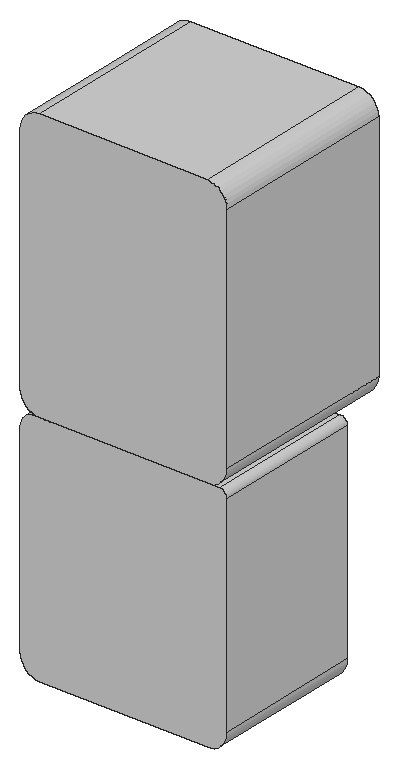
Revit family "Building-IEC309Boards-GEWISS-68QDIN-DISTRIBUTION-BOARD-5MOD_1SOCKET-OUTLET", category Attrezzatura elettrica, host Muro, Revit 2016
Family settings
  Host = Muro
  Configurazione quadro = Due colonne, circuiti in orizzontale
  Tipo di parte = Pannello comandi
  Quota connettore circolare = Usa diametro
  Numero OmniClass = 23.80.30.11.17
  Titolo OmniClass = Distribution Boards and Control Panels
  Sempre verticale = Sì
  Taglio con vuoti quando caricato = No
  Condiviso = No
  Punto di calcolo locali = No
Parameters (values of type "GW68017N - Q-DIN 5M 1 FLANGE S.O.16A IP65")
  Voltaggio = "400V"
  Vista di pianta [instance] = yes
  Vetro = GEWISS - vetro
  Version type = "Empty"
  Version file RFA = "18.0"
  URL = "https://www.gewiss.com/ww/en"
  Thermo-pressure with ball = "70 °C"
  Technical sheet = "https://www.gewiss.com/ww/en/search?q=GW68017N"
  Struttura = GEWISS - Grigio RAL - 7035
  Spessore = 96 mm
  Simbolo [instance] = yes
  Shock resistance = "IK08"
  SEO = "Board"
  Realized by GEWISS S.p.A. = ""
  Produttore = "GEWISS S.p.A."
  Presa = GEWISS - Grigio RAL - 7035
  Potenza = 400 V
  Operating temperature: = "-25 +40 °C"
  Offset etichetta nome quadro [instance] = 125 mm
  Numero poli = 3
  No. of provided blank lids = "-"
  No. of modules EN 50022 = "5"
  Modello = "GW68017N"
  Lunghezza = 105 mm
  Insulation class = "II"
  Installation type = "Surface-mounting"
  Immagine tipo = GW68017N.jpg
  IP degree = "IP65"
  IFC.TypeObject = ""
  IFC.ExportType = ""
  IFC.ExportAs = ""
  IDT = "ee7be3a0-8e2c-4958-911f-c8bff68fcaa4"
  IDF = "90e3c910-4dd1-4086-b25c-8148c449f2aa"
  Houseable socket = "1 IEC 309 16A IP44/67"
  Glow Wire Test = "650°C"
  GW – Nome quadro [instance] = "NOME"
  Electrocod = "2242"
  ETICHETTA NOME QUADRO [instance] = yes
  EAN code = "8011564744851"
  Distanza orizzontale del simbolo [instance] = 0 mm
  Distanza dal muro [instance] = 0 mm
  Dispersible power B (W) = "37"
  Dispersible power A (W) = "10"
  Descrizione = "Q-DIN 5M 1 FLANGE S.O.16A IP65"
  Cornice simbolo [instance] = no
  Colour = "Grey RAL 7035"
  Classificazione carico = Altro
  Catalogue Range = "68 QDIN"
  Catalogue = "BUILDING"
  Carico apparente = 0 VA
  COBie.Tagnumber = ""
  COBie.CreatedOn = ""
  COBie.CreatebBy = ""
  COBie.ComponentRegisterItemID = ""
  COBie.Component.TagNumber = ""
  COBie.Component.Space = ""
  COBie.Component.SerialNumber = ""
  COBie.Component.InstallationDate = ""
  COBie.Component.Description = ""
  COBie.Component.BarCode = ""
  Altezza scatole = 120 mm
  Altezza quadro = 138 mm
  Altezza da terra = 589.057 mm
  Accordance with Standards = "EN 60208 - EN 60670-1 - IEC 60670-24"
Reference planes
  plane 1 "Muro": y = 0
  plane 2 "Centro (Sinistra/Destra)": x = 125
  plane 3 "Indietro": y = 75
  plane 4: z = 589.057
  plane 5: x = 125
  plane 6: y = 200
Lines and regions (mm)
  Masking region 1, visible <- "Vista di pianta"
    outline origin (0, 0, 0) x (1, 0, 0) y (0, 1, 0)
      loop
        line (177.5, 171) -> (72.5, 171) -> (72.5, 75) -> (177.5, 75) -> (177.5, 171)
  Masking region 2
    outline origin (125, 0, 0) x (0, 1, 0) y (0, 0, 1)
      loop
        line (75, 589.057) -> (75, 451.057) -> (171, 451.057) -> (171, 589.057) -> (75, 589.057)
      loop
        line (158.126, 431.646) -> (151.196, 431.646) -> (151.196, 341.571) -> (158.126, 341.571) -> (158.126, 431.646)
  Masking region 3
    outline origin (125, 0, 0) x (0, 1, 0) y (0, 0, 1)
      loop
        line (75, 451.057) -> (75, 331.057) -> (151.196, 331.057) -> (151.196, 451.057) -> (75, 451.057)
Text (mm)
  text "Lato posizionamento" at (-1848.837, 1116.779, 0), in view "Livello rif."
  text "Lato posizionamento" at (0, 1409.804, 2854.306), in view "Sinistra"
  text "Lato posizionamento" at (0, 499.811, 2980.732), in view "Destra"
Dimensions and locks
  locked: plane 3 "Indietro" to host wall
  "Altezza da terra": level to plane 4
  "Distanza orizzontale del simbolo": plane 5 to plane 2 "Centro (Sinistra/Destra)"
  "Offset etichetta nome quadro": plane 6 to plane 3 "Indietro"
  aligned and locked: plane 1 "Muro" to host wall
  aligned and locked: nested 1 to plane 3 "Indietro"
  aligned and locked: plane 4 to nested 1
  aligned and locked: Masking region 1 sketch curve to nested 1  (x4)
  aligned and locked: plane 5 to nested 2
  aligned and locked: plane 3 "Indietro" to nested 1  (x2)
  aligned and locked: nested 3 to plane 6
  aligned and locked: Masking region 2 sketch curve to nested 1  (x6)
  aligned and locked: nested 1 to Masking region 2 sketch curve
  aligned and locked: Masking region 3 sketch curve to nested 1  (x3)
  aligned and locked: nested 1 to Masking region 3 sketch curve
  aligned and locked: plane 2 "Centro (Sinistra/Destra)" to nested 4
  aligned and locked: nested 4 to plane 4
Automatic sketch dimensions
  Masking region 2 sketch curve to Masking region 2 sketch curve = 19.411 mm
Nested families
  nested 1: "QDIN5 QUADRO 1 PRESA IND" at (125, 75, -258) x (-1, 0, 0) z (0, 0, 1), type "QDIN5 QUADRO 1 PRESA IND"
  nested 2: "CENTRALINO" at (125, 99.669, 0), Distanza dal muro <- "Distanza dal muro", BORDO ACCESO <- "Cornice simbolo", SIMBOLO ACCESO <- "Simbolo", type "CENTRALINO"
    with SIMBOLO ACCESO yes, Distanza dal muro 0 mm, BORDO ACCESO no
  nested 3: "NOME QUADRO" at (125, 200, 0), TXT <- "GW – Nome quadro", visible <- "ETICHETTA NOME QUADRO", type "NOME QUADRO"
    with TXT "NOME"
  nested 4: "2D - QDIN15 X1" at (125, 0, 331.057) x (1, 0, 0) z (0, -1, 0), type "BIDIMENSIONALE"
Connectors
  electrical at (125, 113.098, 331.057), driven by "Numero poli", driven by "Classificazione carico", driven by "Potenza", driven by "Carico apparente"
    settings: on nested 1, index 1, voltage 400 V, apparent load 0 VA, apparent load phase1 0 VA, apparent load phase2 0 VA, apparent load phase3 0 VA, power factor 1, load classification "Altro", number of poles 3, system type 31, power factor state 1, is connector primary yes, connector utility no, sub classification motor no, connector description ""
Definition of nested family "QDIN5 QUADRO 1 PRESA IND"
  Parameters (values of type "QDIN5 QUADRO 1 PRESA IND")
    Vetro = none
    Struttura = none
    Spessore = 96 mm
    Default Elevation = 14 mm
    Presa = none
    Lunghezza = 105 mm
    IFC.TypeObject = ""
    IFC.ExportType = ""
    IFC.ExportAs = ""
    H_da terra = 589.057 mm
    COBie.CreatedOn = ""
    COBie.CreatebBy = ""
    COBie.ComponentRegisterItemID = ""
    COBie.Component.TagNumber = ""
    COBie.Component.Space = ""
    COBie.Component.SerialNumber = ""
    COBie.Component.InstallationDate = ""
    COBie.Component.Description = ""
    COBie.Component.BarCode = ""
    Altezza scatole = 120 mm
    Altezza quadro = 138 mm
    Altezza = 258 mm
  Reference planes
    plane 1 "Centro (Fronte/Retro)": y = 0
    plane 2: z = 0
    plane 3 "Centro (Sinistra/Destra)": x = 0
    plane 4 "s": y = -96
    plane 5: z = 589.057
    plane 6: z = 847.057
    plane 7: x = -52.5
    plane 8: x = 52.5
    plane 9: z = 709.057
    plane 10: y = -76.196
    plane 11: z = 689.646
    plane 12: x = 37.506
    plane 13: z = 599.571
    plane 14: x = -37.506
    plane 15: x = -50.097
    plane 16: x = 50.089
    plane 17: z = 718.557
    plane 18: z = 808.52
    plane 19: y = -42.089
    plane 20: y = -83.126
  Forms (mm)
    Extrusion 1, solid, material <- "Struttura"
      sketch origin (0, 0, 0) x (1, 0, 0) y (0, 0, 1)
        loop
          arc (-42.5, 847.057) -> (-49.571, 844.128) -> (-52.5, 837.057) r 10
          line (-52.5, 837.057) -> (-52.5, 719.057)
          arc (-52.5, 719.057) -> (-49.571, 711.986) -> (-42.5, 709.057) r 10
          line (-42.5, 709.057) -> (42.5, 709.057)
          arc (42.5, 709.057) -> (49.571, 711.986) -> (52.5, 719.057) r 10
          line (52.5, 719.057) -> (52.5, 837.057)
          arc (52.5, 837.057) -> (49.571, 844.128) -> (42.5, 847.057) r 10
          line (42.5, 847.057) -> (-42.5, 847.057)
      from 0 to 96
    Extrusion 2, solid, material <- "Struttura"
      sketch origin (0, 0, 0) x (1, 0, 0) y (0, 0, 1)
        loop
          line (44.95, 709.057) -> (-48.88, 709.057)
          arc (-48.88, 709.057) -> (-51.44, 707.997) -> (-52.5, 705.437) r 3.62
          line (-52.5, 705.437) -> (-52.5, 599.057)
          arc (-52.5, 599.057) -> (-49.571, 591.986) -> (-42.5, 589.057) r 10
          line (-42.5, 589.057) -> (42.5, 589.057)
          arc (42.5, 589.057) -> (49.571, 591.986) -> (52.5, 599.057) r 10
          line (52.5, 599.057) -> (52.5, 701.507)
          arc (52.5, 701.507) -> (50.289, 706.845) -> (44.95, 709.057) r 7.55
      from 0 to 76.196
    Extrusion 3, void
      sketch origin (0, 0, 0) x (1, 0, 0) y (0, 0, 1)
        loop
          line (-50.097, 808.52) -> (-50.097, 718.557) -> (50.089, 718.557) -> (50.089, 808.52) -> (-50.097, 808.52)
      from 42.089 to 96
    Extrusion 4, solid, material <- "Vetro", detail levels fine
      sketch origin (0, 0, 0) x (1, 0, 0) y (0, 0, 1)
        loop
          line (-50.097, 808.52) -> (-50.097, 718.557) -> (50.089, 718.557) -> (50.089, 808.52) -> (-50.097, 808.52)
      from 83.126 to 96
    Extrusion 5, solid, material <- "Presa", detail levels fine
      sketch origin (0, 0, 0) x (1, 0, 0) y (0, 0, 1)
        loop
          line (-37.506, 689.646) -> (-37.506, 599.571) -> (37.506, 599.571) -> (37.506, 689.646) -> (-37.506, 689.646)
      from 76.196 to 83.126
  Cuts and joins
    Extrusion 3 cuts Extrusion 1
  Dimensions and locks
    "Spessore": plane 4 "s" to plane 1 "Centro (Fronte/Retro)"
    "H_da terra": plane 5 to level
    equal spacing: plane 7, plane 3 "Centro (Sinistra/Destra)", plane 8
    "Lunghezza": plane 7 to plane 8
    "Altezza quadro": plane 6 to plane 9
    "Altezza scatole": plane 9 to plane 5
    plane 4 "s" to plane 1 "Centro (Fronte/Retro)" = 96 mm
    locked: plane 4 "s" to plane 10 at 19.804
    locked: plane 12 to plane 8 at 14.994
    locked: plane 13 to plane 5 at 10.514
    locked: plane 14 to plane 7 at 14.994
    locked: plane 9 to plane 11 at 19.411
    locked: plane 6 to plane 18 at 38.537
    locked: plane 17 to plane 9 at 9.5
    locked: plane 7 to plane 15 at 2.403
    locked: plane 16 to plane 8 at 2.411
    locked: plane 4 "s" to plane 19 at 53.911
    locked: plane 4 "s" to plane 20 at 12.874
    aligned and locked: level to plane 2
    aligned and locked: Extrusion 1 sketch curve to plane 6
    aligned and locked: Extrusion 1 sketch curve to plane 8
    aligned and locked: Extrusion 1 sketch curve to plane 7
    aligned and locked: plane 9 to Extrusion 1 sketch curve
    aligned and locked: Extrusion 1 to plane 4 "s"
    aligned and locked: Extrusion 2 sketch curve to plane 9
    aligned and locked: Extrusion 2 sketch curve to plane 8
    aligned and locked: Extrusion 2 sketch curve to plane 7
    aligned and locked: Extrusion 2 sketch curve to plane 5
    aligned and locked: Extrusion 2 to plane 10
    aligned and locked: Extrusion 3 sketch curve to plane 18
    aligned and locked: Extrusion 3 sketch curve to plane 16
    aligned and locked: Extrusion 3 sketch curve to plane 15
    aligned and locked: Extrusion 3 sketch curve to plane 17
    aligned and locked: plane 19 to cut or joined group of Extrusion 1, Extrusion 3
    aligned and locked: Extrusion 3 to plane 4 "s"
    aligned and locked: Extrusion 4 sketch curve to plane 18
    aligned and locked: Extrusion 4 sketch curve to plane 16
    aligned and locked: Extrusion 4 sketch curve to plane 17
    aligned and locked: Extrusion 4 sketch curve to plane 15
    aligned and locked: Extrusion 4 to plane 4 "s"
    aligned and locked: plane 20 to Extrusion 4
    aligned and locked: Extrusion 5 sketch curve to plane 11
    aligned and locked: Extrusion 5 sketch curve to plane 12
    aligned and locked: Extrusion 5 sketch curve to plane 14
    aligned and locked: Extrusion 5 sketch curve to plane 13
    aligned and locked: Extrusion 5 to Extrusion 2
    aligned and locked: Extrusion 4 to Extrusion 5
  Automatic sketch dimensions
    Extrusion 1 sketch curve to Extrusion 1 sketch curve = 10 mm  (x2)
    Extrusion 1 sketch curve to plane 7 = 10 mm
    plane 8 to Extrusion 1 sketch curve = 10 mm
    Extrusion 2 sketch curve to Extrusion 2 sketch curve = 3.62 mm
    Extrusion 2 sketch curve to plane 7 = 10 mm
    Extrusion 2 sketch curve to Extrusion 2 sketch curve = 10 mm
    plane 8 to Extrusion 2 sketch curve = 7.55 mm
Definition of nested family "CENTRALINO"
  Parameters (values of type "CENTRALINO")
    SIMBOLO ACCESO [instance] = yes
    Distanza dal muro [instance] = 0 mm
    BORDO ACCESO [instance] = yes
  Reference planes
    plane 1: y = 0
    plane 2: x = 0
  Dimensions and locks
    "Distanza dal muro": plane 1 to nested 1
    aligned and locked: plane 2 to nested 1
  Nested families
    nested 1: "CENTRALINO_BASE" at (0, 0, 0), BORDO ACCESO <- "BORDO ACCESO", visible <- "SIMBOLO ACCESO", type "CENTRALINO"
      with BORDO ACCESO yes
  Definition of nested family "CENTRALINO_BASE"
    Parameters (values of type "CENTRALINO")
      Distanza dal muro = 0 mm
      BORDO ACCESO [instance] = yes
    Reference planes
      plane 1: y = 0
      plane 2: x = 0
    Lines and regions (mm)
      detail lines, visible <- "BORDO ACCESO", not visible
        curve 1: line (-2.443, 10.208, 0) -> (2.057, 10.208, 0)
        curve 2: line (2.057, 10.208, 0) -> (2.057, 4.208, 0)
        curve 3: line (2.057, 4.208, 0) -> (-2.443, 4.208, 0)
        curve 4: line (-2.443, 4.208, 0) -> (-2.443, 10.208, 0)
        curve 5: line (-2.043, 9.808, 0) -> (1.657, 9.808, 0)
        curve 6: line (1.657, 9.808, 0) -> (1.657, 4.608, 0)
        curve 7: line (1.657, 4.608, 0) -> (-2.043, 4.608, 0)
        curve 8: line (-2.043, 4.608, 0) -> (-2.043, 9.808, 0)
      detail lines
        curve 9: line (0, 0.671, 0) -> (0, 0, 0)
        curve 10: line (0.659, 0.671, 0) -> (0.659, 1.33, 0)
        curve 11: line (0.659, 1.33, 0) -> (-0.659, 1.33, 0)
        curve 12: line (-0.659, 1.33, 0) -> (-0.659, 0.671, 0)
        curve 13: line (-0.659, 0.671, 0) -> (0.659, 0.671, 0)
        curve 14: line (0.497, 1.33, 0) -> (0.497, 2, 0)
        curve 15: line (0.167, 1.33, 0) -> (0.167, 2, 0)
        curve 16: line (-0.162, 1.33, 0) -> (-0.162, 2, 0)
        curve 17: line (-0.491, 1.33, 0) -> (-0.491, 2, 0)
Definition of nested family "NOME QUADRO"
  Parameters (values of type "NOME QUADRO")
    TXT [instance] = ""
  Reference planes
    plane 1: y = 0
    plane 2: x = 0
  Text (mm)
    label "NOME QUADRO" at (0.217, 0.029, 0), shows "TXT"
Definition of nested family "2D - QDIN15 X1"
  Reference planes
    plane 1 "Centro (Fronte/Retro)": y = 0
    plane 2: z = 0
    plane 3 "Centro (Sinistra/Destra)": x = 0
  Lines and regions (mm)
    model lines, in view "Livello rif."
      curve 1: arc (-50.094, 118.735, 0) -> (-49.802, 118.028, 0) -> (-49.094, 117.735, 0) r 1
      curve 2: arc (49.047, 117.735, 0) -> (49.752, 118.03, 0) -> (50.043, 118.737, 0) r 1
      curve 3: arc (42.5, 0, 0) -> (49.571, 2.929, 0) -> (52.5, 10, 0) r 10
      curve 4: arc (-52.5, 10, 0) -> (-49.571, 2.929, 0) -> (-42.5, 0, 0) r 10
      curve 5: arc (-42.5, 258, 0) -> (-49.571, 255.071, 0) -> (-52.5, 248, 0) r 10
      curve 6: arc (52.5, 248, 0) -> (49.571, 255.071, 0) -> (42.5, 258, 0) r 10
      curve 7: arc (52.5, 248, 0) -> (49.571, 255.071, 0) -> (42.5, 258, 0) r 10
      curve 8: arc (-42.5, 258, 0) -> (-49.571, 255.071, 0) -> (-52.5, 248, 0) r 10
      curve 9: arc (-26.88, 135.036, 0) -> (-27.34, 134.408, 0) -> (-27.499, 133.647, 0) r 1.835
      curve 10: arc (-15, 139.486, 0) -> (-21.344, 138.338, 0) -> (-26.88, 135.036, 0) r 18.067
      curve 11: arc (26.88, 135.036, 0) -> (21.344, 138.338, 0) -> (15, 139.486, 0) r 18.067
      curve 12: arc (27.499, 133.647, 0) -> (27.34, 134.408, 0) -> (26.88, 135.036, 0) r 1.835
      curve 13: arc (27.5, 130, 0) -> (27.646, 129.646, 0) -> (28, 129.5, 0) r 0.5
      curve 14: arc (-28, 129.5, 0) -> (-27.646, 129.646, 0) -> (-27.5, 130, 0) r 0.5
      curve 15: line (50.043, 118.737, 0) -> (50.043, 224.677, 0)
      curve 16: line (50.043, 224.677, 0) -> (-50.094, 224.677, 0)
      curve 17: line (-50.094, 224.677, 0) -> (-50.094, 118.735, 0)
      curve 18: line (50.043, 129.5, 0) -> (-50.094, 129.5, 0)
      curve 19: line (50.043, 128.068, 0) -> (-50.094, 128.068, 0)
      curve 20: line (49.047, 117.735, 0) -> (22.297, 117.735, 0)
      curve 21: line (22.297, 117.735, 0) -> (-49.094, 117.735, 0)
      curve 22: line (-42.5, 0, 0) -> (42.5, 0, 0)
      curve 23: line (42.5, 258, 0) -> (-42.5, 258, 0)
      curve 24: line (-42.5, 258, 0) -> (42.5, 258, 0)
      curve 25: line (-15, 139.486, 0) -> (15, 139.486, 0)
      curve 26: line (-27.5, 130, 0) -> (-27.5, 133.647, 0)
      curve 27: line (27.5, 130, 0) -> (27.5, 133.647, 0)
      curve 28: line (-45, 198.526, 0) -> (-45, 153.474, 0)
      curve 29: line (-45, 153.474, 0) -> (45, 153.474, 0)
      curve 30: line (45, 153.474, 0) -> (45, 198.526, 0)
      curve 31: line (45, 198.526, 0) -> (-45, 198.526, 0)
      curve 32: line (52.5, 248, 0) -> (52.5, 10, 0)
      curve 33: line (-52.464, 248, 0) -> (-52.464, 10, 0)
      curve 34: line (-52.464, 10, 0) -> (-52.464, 248, 0)
      curve 35: line (28.896, 127.781, 0) -> (28.701, 127.664, 0)
      curve 36: line (28.701, 127.664, 0) -> (28.215, 127.304, 0)
      curve 37: line (28.215, 127.304, 0) -> (27.879, 126.956, 0)
      curve 38: line (27.879, 126.956, 0) -> (27.042, 126.156, 0)
      curve 39: line (27.042, 126.156, 0) -> (26.131, 125.391, 0)
      curve 40: line (26.131, 125.391, 0) -> (25.162, 124.681, 0)
      curve 41: line (25.162, 124.681, 0) -> (24.145, 124.034, 0)
      curve 42: line (24.145, 124.034, 0) -> (23.086, 123.456, 0)
      curve 43: line (23.086, 123.456, 0) -> (21.993, 122.95, 0)
      curve 44: line (21.993, 122.95, 0) -> (20.87, 122.518, 0)
      curve 45: line (20.87, 122.518, 0) -> (19.722, 122.162, 0)
      curve 46: line (19.722, 122.162, 0) -> (18.556, 121.884, 0)
      curve 47: line (18.556, 121.884, 0) -> (17.378, 121.684, 0)
      curve 48: line (17.378, 121.684, 0) -> (16.192, 121.564, 0)
      curve 49: line (16.192, 121.564, 0) -> (15.597, 121.534, 0)
      curve 50: line (15.597, 121.534, 0) -> (15, 121.524, 0)
      curve 51: line (15, 121.524, 0) -> (-15, 121.524, 0)
      curve 52: line (-15, 121.524, 0) -> (-15.595, 121.534, 0)
      curve 53: line (-15.595, 121.534, 0) -> (-16.19, 121.564, 0)
      curve 54: line (-16.19, 121.564, 0) -> (-17.376, 121.684, 0)
      curve 55: line (-17.376, 121.684, 0) -> (-18.554, 121.883, 0)
      curve 56: line (-18.554, 121.883, 0) -> (-19.719, 122.162, 0)
      curve 57: line (-19.719, 122.162, 0) -> (-20.867, 122.518, 0)
      curve 58: line (-20.867, 122.518, 0) -> (-21.991, 122.949, 0)
      curve 59: line (-21.991, 122.949, 0) -> (-23.084, 123.455, 0)
      curve 60: line (-23.084, 123.455, 0) -> (-23.618, 123.735, 0)
      curve 61: line (-23.618, 123.735, 0) -> (-24.143, 124.033, 0)
      curve 62: line (-24.143, 124.033, 0) -> (-25.16, 124.679, 0)
      curve 63: line (-25.16, 124.679, 0) -> (-26.129, 125.389, 0)
      curve 64: line (-26.129, 125.389, 0) -> (-27.042, 126.155, 0)
      curve 65: line (-27.042, 126.155, 0) -> (-27.896, 126.973, 0)
      curve 66: line (-27.896, 126.973, 0) -> (-28.213, 127.303, 0)
      curve 67: line (-28.213, 127.303, 0) -> (-28.693, 127.66, 0)
      curve 68: line (-28.693, 127.66, 0) -> (-28.843, 127.755, 0)
      curve 69: line (-28.843, 127.755, 0) -> (-29.006, 127.812, 0)
      curve 70: arc (-37.506, 17.637, 0) -> (-35.42, 12.6, 0) -> (-30.383, 10.514, 0) r 7.123
      curve 71: arc (29.937, 10.514, 0) -> (35.259, 12.431, 0) -> (37.506, 17.623, 0) r 7.123
      curve 72: arc (-29.937, 95.375, 0) -> (-35.259, 93.458, 0) -> (-37.506, 88.266, 0) r 7.123
      curve 73: circle (30.383, 17.623, 0) r 2.588 normal (0, 0, 1)
      curve 74: circle (-30.383, 17.637, 0) r 2.588 normal (0, 0, 1)
      curve 75: circle (30.383, 88.252, 0) r 2.588 normal (0, 0, 1)
      curve 76: arc (37.506, 88.252, 0) -> (35.42, 93.289, 0) -> (30.383, 95.375, 0) r 7.123
      curve 77: circle (-30.383, 88.266, 0) r 2.588 normal (0, 0, 1)
      curve 78: line (-30.383, 10.514, 0) -> (0.748, 10.514, 0)
      curve 79: line (0.748, 10.514, 0) -> (29.937, 10.514, 0)
      curve 80: line (37.506, 88.252, 0) -> (37.506, 17.623, 0)
      curve 81: line (30.383, 95.375, 0) -> (0.748, 95.375, 0)
      curve 82: line (0.748, 95.375, 0) -> (-29.937, 95.375, 0)
      curve 83: line (-37.506, 88.266, 0) -> (-37.506, 17.637, 0)
